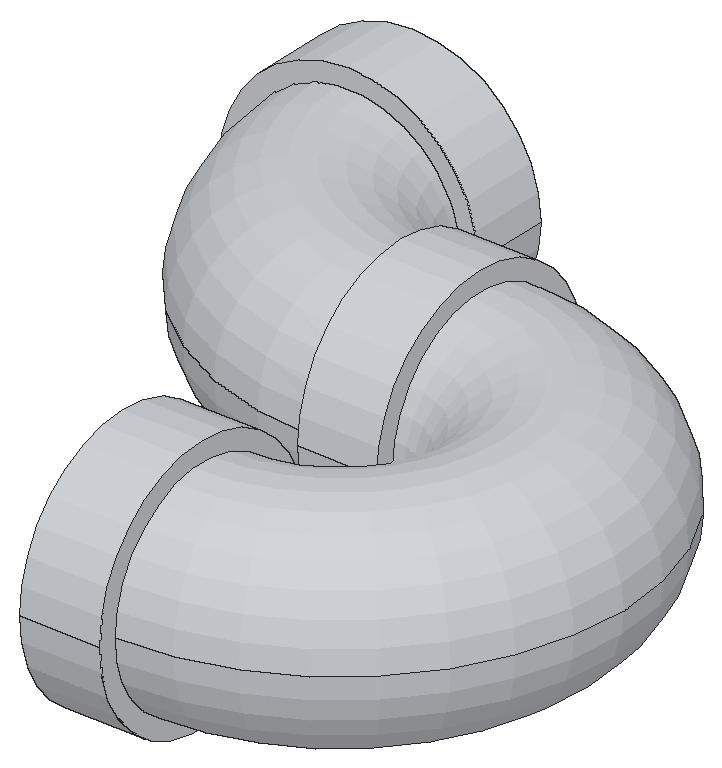
Revit family "6bd98b8bacc342b99d525df71a83d6a3", category Pipe Fittings, Revit 2021
Family settings
  Round Connector Dimension = Use Radius
  Part Type = Multi Port
  OmniClass Number = 23.60.30.11.14
  OmniClass Title = Pipework Fittings
  Seek Item ID = Trap P - PVC - Sch 40 - DWV-0000-USA-ENU
  Work Plane-Based = No
  Always vertical = Yes
  Cut with Voids When Loaded = No
  Shared = No
Parameters (values of type "Standard")
  Wall Thickness [instance] = size_lookup(Lookup Table Name, "WThk", 0.02 * Nominal Diameter + 33/256", Nominal Diameter)  # 0.156"
  Tick Size [instance] = Fitting Outside Diameter * 0.4  # 0.76"
  Socket Outside Radius [instance] = Socket Outside Diameter / 2  # 1.1135"
  Socket Outside Diameter [instance] = Socket Entrance Diameter + Wall Thickness * 2  # 2.227"
  Socket Entrance Diameter [instance] = size_lookup(Lookup Table Name, "SED", 1.04 * Nominal Diameter + 95/256", Nominal Diameter)  # 1.915"
  Socket Depth [instance] = size_lookup(Lookup Table Name, "SDpt", 0.5 * Nominal Diameter, Nominal Diameter)  # 0.687"
  Outlet Height Label [instance] = if(Length 2 > Fitting Outside Radius + 1/32", Outlet Height, Length 3 + Socket Depth + Height 1 + Fitting Outside Radius)  # 4.8875"
  Outlet Height [instance] = Height 2 + Fitting Outside Radius  # 4.8875"
  Nominal Radius [instance] = 3/4"
  Nominal Diameter [instance] = Nominal Radius * 2  # 1 1/2"
  Loss Method = Not Defined
  Lookup Table Name = "Trap P - PVC - Sch 40 - DWV"
  Length 3 [instance] = if(Length 2 > Fitting Outside Radius + 1/32", Length 2, Fitting Outside Radius + 1/32")  # 1.7505"
  Length 2 [instance] = Height 2 - Height 1 - Socket Depth  # 1.7505"
  Length 1 [instance] = size_lookup(Lookup Table Name, "Lgt1", 2.47 * Nominal Diameter + 1 97/256", Nominal Diameter)  # 4 5/8"
  Length [instance] = Length 1 + Socket Depth  # 5.312"
  Inlet Height [instance] = Height 1 + Socket Depth + Fitting Outside Radius  # 3.137"
  Height 2 [instance] = size_lookup(Lookup Table Name, "Hgt2", 1.78 * Nominal Diameter + 1 45/128", Nominal Diameter)  # 3 15/16"
  Height 1 [instance] = size_lookup(Lookup Table Name, "Hgt1", 0.88 * Nominal Diameter + 45/128", Nominal Diameter)  # 1 1/2"
  Fitting Outside Radius [instance] = Fitting Outside Diameter / 2  # 0.95"
  Fitting Outside Diameter [instance] = size_lookup(Lookup Table Name, "FOD", 1.04 * Nominal Diameter + 23/64", Nominal Diameter)  # 1.9"
  Default Elevation = 0' - 0"
Reference planes (in)
  plane 1 "Center (Front/Back)": y = 0
  plane 2: z = 0
  plane 3 "Center (Left/Right)": x = 0
  plane 4: x = 4.8875
  plane 5: x = 1.7505
  plane 6: x = 2.4375
  plane 7: y = 1.5
  plane 8: y = 5.312
  plane 9: y = 4.625
  plane 10: y = -0.76
  plane 11: y = 0.76
  plane 12: x = -0.76
  plane 13: x = 0.76
  plane 14: y = 3
  plane 15: y = 4.7505
Forms (in)
  Sweep 1, solid, detail levels fine
    path in 3D
      loop
        line (1.7505, 0, 0) -> (2.4375, 0, 0)
    profile origin (2.094, 0, 0) x (0, 1, 0) y (0, 0, 1)
      loop
        circle (0, 0) r 1.1135
  Sweep 2, solid, detail levels fine
    path in 3D
      loop
        line (1.7505, 3, 0) -> (2.4375, 3, 0)
    profile origin (2.094, 3, 0) x (0, 1, 0) y (0, 0, 1)
      loop
        circle (0, 0) r 1.1135
  Sweep 3, solid, detail levels fine
    path in 3D
      loop
        line (0, 5.312, 0) -> (0, 4.7505, 0)
        arc (0, 4.7505, 0) -> (0.51271, 3.51271, 0) -> (1.7505, 3, 0) r 1.7505
        line (1.7505, 3, 0) -> (2.4375, 3, 0)
        arc (2.4375, 3, 0) -> (3.9375, 1.5, 0) -> (2.4375, 0, 0) r 1.5
    profile origin (0, 5.03125, 0) x (1, 0, 0) y (0, 0, 1)
      loop
        circle (0, 0) r 0.95
  Sweep 4, solid, detail levels fine
    path in 3D
      loop
        line (0, 5.312, 0) -> (0, 4.625, 0)
    profile origin (0, 4.9685, 0) x (1, 0, 0) y (0, 0, 1)
      loop
        circle (0, 0) r 1.1135
Cuts and joins
  joined: Sweep 1, Sweep 2, Sweep 3, Sweep 4
Lines and regions (in)
  model lines, detail levels coarse+medium
    curve 1: line (1.7505, 0, 0) -> (2.4375, 0, 0)
    curve 2: line (1.7505, 0.76, 0) -> (1.7505, -0.76, 0)
    curve 3: line (-0.76, 5.312, 0) -> (0.76, 5.312, 0)
    curve 5: arc (2.4375, 0, 0) -> (3.9375, 1.5, 0) -> (2.4375, 3, 0) r 1.5
    curve 6: arc (0, 4.7505, 0) -> (0.51271, 3.51271, 0) -> (1.7505, 3, 0) r 1.7505
    curve 7: line (1.7505, 3, 0) -> (2.4375, 3, 0)
    curve 10: line (0, 5.312, 0) -> (0, 4.7505, 0)
  sketch lines
    curve 4: line (1.7505, 0, 0) -> (2.4375, 0, 0)
    curve 9: line (1.7505, 3, 0) -> (2.4375, 3, 0)
    curve 11: line (0, 5.312, 0) -> (0, 4.7505, 0)
    curve 12: arc (0, 4.7505, 0) -> (0.51271, 3.51271, 0) -> (1.7505, 3, 0) r 1.7505
    curve 13: line (1.7505, 3, 0) -> (2.4375, 3, 0)
    curve 14: arc (2.4375, 0, 0) -> (3.9375, 1.5, 0) -> (2.4375, 3, 0) r 1.5
    curve 15: line (0, 5.312, 0) -> (0, 4.625, 0)
  reference lines
    curve 8: line (0, 5.312, 0) -> (0, 4.625, 0)
Dimensions and locks (in)
  "Outlet Height Label": plane 3 "Center (Left/Right)" to plane 4
  "Inlet Height": plane 5 to plane 4
  "Socket Depth": plane 5 to plane 6
  "Height 1": plane 7 to plane 1 "Center (Front/Back)"
  "Length": plane 8 to plane 1 "Center (Front/Back)"
  "Socket Depth": plane 8 to plane 9
  equal spacing: plane 10, plane 1 "Center (Front/Back)", plane 11
  "Tick Size": plane 1 "Center (Front/Back)" to plane 11
  equal spacing: plane 12, plane 3 "Center (Left/Right)", plane 13
  "Tick Size": plane 12 to plane 3 "Center (Left/Right)"
  "Height 1": plane 14 to plane 7
  "Length 3": plane 15 to plane 14
  "Socket Outside Radius": radius of Sweep 1 sketch curve
  "Height 1": radius of curve 5
  "Length 3": radius of curve 6
  "Socket Outside Radius": radius of Sweep 2 sketch curve
  "Fitting Outside Radius": radius of Sweep 3 sketch curve
  "Socket Outside Radius": radius of Sweep 4 sketch curve
  locked: curve 5 to curve 5 (angle 180.00°)
  locked: curve 6 to curve 6 (angle 90.00°)
  aligned and locked: plane 5 to curve 1
  aligned and locked: plane 1 "Center (Front/Back)" to curve 1
  aligned and locked: plane 11 to curve 2
  aligned and locked: plane 10 to curve 2
  aligned and locked: curve 2 to plane 5
  aligned and locked: plane 12 to curve 3
  aligned and locked: plane 13 to curve 3
  aligned and locked: curve 3 to plane 8
  aligned and locked: plane 7 to curve 5
  aligned and locked: plane 6 to curve 5
  aligned and locked: plane 5 to curve 7
  aligned and locked: plane 6 to curve 7
  aligned and locked: plane 9 to curve 8
  aligned and locked: plane 8 to curve 8
  aligned and locked: curve 8 to plane 3 "Center (Left/Right)"
  aligned and locked: plane 15 to curve 10
  aligned and locked: plane 8 to curve 10
  aligned and locked: curve 10 to plane 3 "Center (Left/Right)"
  aligned and locked: plane 5 to curve 6
Automatic sketch dimensions
  Sweep 1 sketch curve to profile plane = 0' - 0"  (x2)
  Sweep 2 sketch curve to profile plane = 0' - 0"  (x2)
  profile plane to Sweep 3 sketch curve = 0' - 0"
  Sweep 3 sketch curve to profile plane = 0' - 0"
  profile plane to Sweep 4 sketch curve = 0' - 0"
  Sweep 4 sketch curve to profile plane = 0' - 0"
Connectors (in)
  piping at (1.7505, 0, 0), diameter 1.5, driven by "Nominal Radius"
    settings: on cut or joined group of Sweep 1, Sweep 2, Sweep 3, Sweep 4, index 1, connector inside diameter 1 1/2", connector length 0' - 0", flow factor 0, pipe flow 0 GPM, pressure drop 0.00 psi, fitting loss kfactor 0, connector angle 0.00°, fixture units 0, engagement length 0' - 0", angle of deflection 0.00°, flow configuration 0, flow direction 0, fitting loss method 0, system type 28, joint type 0, gender type 0, connector reference index 2, connector utility 0, adjustable connector no, is connector primary yes, connector description ""
  piping at (0, 5.312, 0), diameter 1.5, driven by "Nominal Radius"
    settings: on cut or joined group of Sweep 1, Sweep 2, Sweep 3, Sweep 4, index 2, connector inside diameter 1 1/2", connector length 0' - 0", flow factor 0, pipe flow 0 GPM, pressure drop 0.00 psi, fitting loss kfactor 0, connector angle 0.00°, fixture units 0, engagement length 0' - 0", angle of deflection 0.00°, flow configuration 0, flow direction 0, fitting loss method 0, system type 28, joint type 0, gender type 0, connector reference index 1, connector utility 0, adjustable connector yes, is connector primary no, connector description ""
